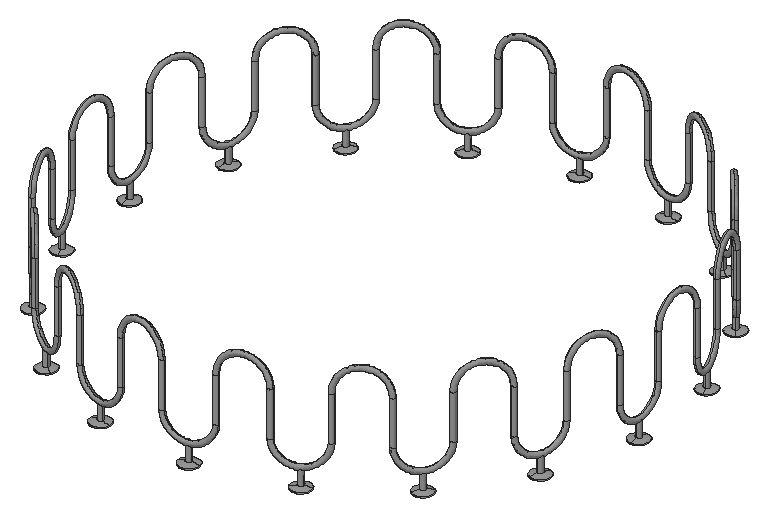
Revit family "Велопарковка «Комби-8» круглая", category Антураж, Revit 2017
Family settings
  На основе рабочей плоскости = Нет
  Всегда вертикально = Да
  При загрузке вырезать с полостями = Нет
  Источник визуального образа = Геометрия семейства
  Общий = Нет
  Точка расчета площади = Нет
Parameters
  Стоимость = 49440
  Изготовитель = "ООО \"Хоббика\""
  Высота = 0 mm
  URL = "https://hobbyka.ru/product/veloparkovka_kombi-8_kruglaia/?sphrase_id=68922"
  ADSK_Размер_Диаметр = 3800 mm
  ADSK_Размер_Высота = 765 mm
  ADSK_Наименование = "Велопарковка «Комби-8» круглая"
  ADSK_Материал велопарковки = Сталь, хромированная
  ADSK_Код изделия = "7274"
Reference planes
  plane 1 "По центру (Вперед/Назад)": y = 0
  plane 2: z = 0
  plane 3 "По центру (Влево/Вправо)": x = 0
Dimensions and locks
  aligned and locked: level to plane 2
Nested families
  nested 1: "Семейство5" at (159.553, -1837.798, 0) x (0.9848, 0.1738, 0) z (0, 0, 1), Материал <- "ADSK_Материал велопарковки", type "Семейство5"
    with Материал Сталь, хромированная
  nested 2: "Семейство5" at (778.476, -1672.404, 0) x (0.8659, 0.5002, 0) z (0, 0, 1), Материал <- "ADSK_Материал велопарковки", type "Семейство5"
    with Материал Сталь, хромированная
  nested 3: "Семейство5" at (1303.51, -1305.305, 0) x (0.6426, 0.7662, 0) z (0, 0, 1), Материал <- "ADSK_Материал велопарковки", type "Семейство5"
    with Материал Сталь, хромированная
  nested 4: "Семейство5" at (1671.331, -780.778, 0) x (0.3419, 0.9398, 0) z (0, 0, 1), Материал <- "ADSK_Материал велопарковки", type "Семейство5"
    with Материал Сталь, хромированная
  nested 5: "Семейство5" at (1837.577, -162.082, 0) x (-0.0002, 1, 0) z (0, 0, 1), Материал <- "ADSK_Материал велопарковки", type "Семейство5"
    with Материал Сталь, хромированная
  nested 6: "Семейство5" at (1782.198, 476.161, 0) x (-0.3422, 0.9396, 0) z (0, 0, 1), Материал <- "ADSK_Материал велопарковки", type "Семейство5"
    with Материал Сталь, хромированная
  nested 7: "Семейство5" at (1511.873, 1056.976, 0) x (-0.6429, 0.766, 0) z (0, 0, 1), Материал <- "ADSK_Материал велопарковки", type "Семейство5"
    with Материал Сталь, хромированная
  nested 8: "Семейство5" at (1059.206, 1510.312, 0) x (-0.8661, 0.4999, 0) z (0, 0, 1), Материал <- "ADSK_Материал велопарковки", type "Семейство5"
    with Материал Сталь, хромированная
  nested 9: "Семейство5" at (478.79, 1781.494, 0) x (-0.9848, 0.1735, 0) z (0, 0, 1), Материал <- "ADSK_Материал велопарковки", type "Семейство5"
    with Материал Сталь, хромированная
  nested 10: "Семейство5" at (-159.371, 1837.814, 0) x (-0.9848, -0.1737, 0) z (0, 0, 1), Материал <- "ADSK_Материал велопарковки", type "Семейство5"
    with Материал Сталь, хромированная
  nested 11: "Семейство5" at (-778.311, 1672.481, 0) x (-0.866, -0.5001, 0) z (0, 0, 1), Материал <- "ADSK_Материал велопарковки", type "Семейство5"
    with Материал Сталь, хромированная
  nested 12: "Семейство5" at (-1303.381, 1305.434, 0) x (-0.6427, -0.7661, 0) z (0, 0, 1), Материал <- "ADSK_Материал велопарковки", type "Семейство5"
    with Материал Сталь, хромированная
  nested 13: "Семейство5" at (-1671.253, 780.943, 0) x (-0.342, -0.9397, 0) z (0, 0, 1), Материал <- "ADSK_Материал велопарковки", type "Семейство5"
    with Материал Сталь, хромированная
  nested 14: "Семейство5" at (-1837.561, 162.264, 0) x (0.0001, -1, 0) z (0, 0, 1), Материал <- "ADSK_Материал велопарковки", type "Семейство5"
    with Материал Сталь, хромированная
  nested 15: "Семейство5" at (-1782.245, -475.985, 0) x (0.3421, -0.9397, 0) z (0, 0, 1), Материал <- "ADSK_Материал велопарковки", type "Семейство5"
    with Материал Сталь, хромированная
  nested 16: "Семейство5" at (-1511.978, -1056.826, 0) x (0.6428, -0.766, 0) z (0, 0, 1), Материал <- "ADSK_Материал велопарковки", type "Семейство5"
    with Материал Сталь, хромированная
  nested 17: "Семейство5" at (-1059.355, -1510.207, 0) x (0.866, -0.5, 0) z (0, 0, 1), Материал <- "ADSK_Материал велопарковки", type "Семейство5"
    with Материал Сталь, хромированная
  nested 18: "Семейство5" at (-478.967, -1781.446, 0) x (0.9848, -0.1736, 0) z (0, 0, 1), Материал <- "ADSK_Материал велопарковки", type "Семейство5"
    with Материал Сталь, хромированная
Definition of nested family "Семейство5"
  Parameters (values of type "Семейство5")
    Материал [instance] = none
    Height = 0 mm
  Reference planes
    plane 1 "По центру (Вперед/Назад)": y = 0
    plane 2: z = 0
    plane 3 "По центру (Влево/Вправо)": x = 0
  Forms (mm)
    Sweep 1, solid, material <- "Материал"
      path origin (161.995, 0, 0) x (1, 0, 0) y (0, 0, 1)
        loop
          arc (324, 585.495) -> (162, 747.495) -> (0, 585.495) r 162
          line (0, 585.495) -> (0, 286.205)
          arc (0, 286.205) -> (-162, 124.205) -> (-324, 286.205) r 162
          line (-324, 286.205) -> (-324, 585.495)
      profile origin (161.995, 0, 435.85) x (0, -1, 0) y (1, 0, 0)
        loop
          circle (0, 0) r 16
    Revolve 2, solid, material <- "Материал"
      sketch origin (161.995, 0, 0) x (1, 0, 0) y (0, 0, 1)
        loop
          line (-96.388, 3.139) -> (-141.066, 14.161) -> (-145.798, 14.161) -> (-145.798, 122.974) -> (-161.995, 122.974) -> (-161.995, 0) -> (-96.388, 0) -> (-96.388, 3.139)
        axis (-161.995, 122.974) -> (-161.995, 0)
      angle from 0 to 360
  Cuts and joins
    joined: Sweep 1, Revolve 2
  Lines and regions (mm)
    symbolic lines
      curve 1: line (0, 65.607, 0) -> (0, -104.393, 0)
      curve 2: line (65.607, 0, 0) -> (-89.393, 0, 0)
  Dimensions and locks
    aligned and locked: level to plane 2
